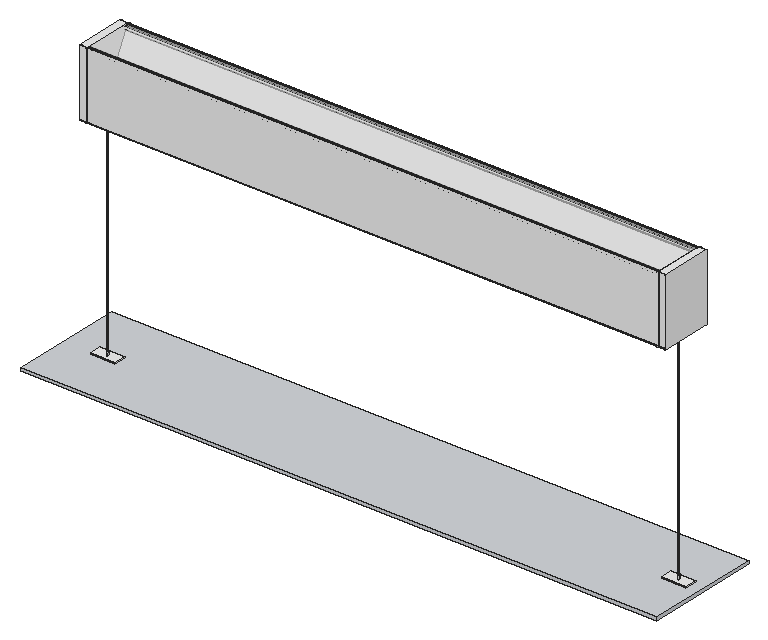
Revit family
Parameters (values of type "BBDLED-400-80-40-SO-4")
  With Multiple Lamps = Fixture Length > 108"  # no
  With Additional Lamp = and(Fixture Length < 120", Fixture Length > 48")  # no
  Wattage = 15.3846 W
  built-in parameter 1150110 = 1 (stored number, unit not read)
  Voltage = 120 V
  URL = "http://www.axislighting.com/CMS/itemsDetail_beam4LED.php?205"
  built-in parameter 1114217 = 1 (stored number, unit not read)
  Total Lamp Wattage = Lamp Wattage * Number of Lamps  # 13.2 VA
  Tilt Angle = 90.00°
  built-in parameter 1150109 = 1 (stored number, unit not read)
  built-in parameter 1150134 = 12
  Suspension Length [instance] = 18"
  Suspension Finish = Steel - Axis - White
  built-in parameter 1150113 = 1 (stored number, unit not read)
  Reflector Finish = Steel - Axis - White Powder Coated
  Product Order Length = 48"
  Product ID = "BBDLED"
  Photometric Web File = "BBDLED-B3-MF-400-80-40-SO.ies"
  Other = ""
  Optics Length = Fixture Length - 1 1/4"  # 46 3/4"
  Number of Lamps = Product Order Length / 12"  # 4
  Mounting Configuration = if(Product Order Length < 156", 2, if(Product Order Length < 300", 3, if(Product Order Length < 444", 4, if(Product Order Length < 564", 5, if(Product Order Length < 708", 6, if(Product Order Length < 852", 7, if(Product Order Length < 972", 8, if(Product Order Length = 1296", 11, if(Product Order Length = 1680", 13, if(Product Order Length = 1776", 14, if(Product Order Length = 1848", 15, if(Product Order Length = 1872", 15, if(Product Order Length = 1896", 15, 2)))))))))))))  # 2
  Model = "BEAM4 LED Pendant Mount - Direct"
  Manufacturer = "Axis Lighting"
  built-in parameter 1150105 = 127.32 (stored number, unit not read)
  Lumens = 1600 lm
  built-in parameter 1150115 = 1 (stored number, unit not read)
  built-in parameter 1150137 = (empty or 0)
  built-in parameter 1150139 = (empty or 0)
  Lens Length = if(Fixture Length > 108", (Fixture Length - (2 * End Cap Length)) / Lamp Configuration, Fixture Length - (2 * End Cap Length))  # 46 3/4"
  Lens Finish = Acrylic - Axis - Frosted
  Lamp Wattage = 3.3 VA
  built-in parameter 1150112 = 1 (stored number, unit not read)
  Lamp Multiplier = if(Fixture Length > 108", (Fixture Length / 48") - 1, 2)  # 2
  built-in parameter 1150114 = 1 (stored number, unit not read)
  Lamp Distance = Lens Length  # 46 3/4"
  Lamp Configuration = if(Product Order Length > 96", Product Order Length / 48", 2)  # 2
  Lamp = "LED"
  Keynote = "16510"
  built-in parameter 1150132 = 2
  built-in parameter 1150102 = (empty or 0)
  built-in parameter 1150107 = 4000 (stored number, unit not read)
  built-in parameter 1150138 = (empty or 0)
  built-in parameter 1150106 = 1.2732 (stored number, unit not read)
  IC Controls = ""
  Housing Finish = Aluminum - Axis - White
  Fixture Width = 4 5/32"  # constant formula
  Fixture Length = Product Order Length  # 48"
  Fixture Depth = 5 1/2"  # constant formula
  End Cap Length = 5/8"  # constant formula
  Emit from Line Length = Lamp Distance  # 46 3/4"
  built-in parameter 1150104 = 9.6619 (stored number, unit not read)
  Dimming Lamp Color Temperature Shift = (empty or 0)
  Description = "LED Pendant Mount Direct Lighting Fixture with Spotless Lens"
  Default Elevation = 48"
  Custom = ""
  Color Filter = 16777215
  Circuit = 1
  built-in parameter 1114218 = 1 (stored number, unit not read)
  built-in parameter 1150133 = 10 (stored number, unit not read)
  Assembly Code = "D5020200"
  Apparent Load = Total Lamp Wattage  # 13.2 VA
Types (5): name | With Additional Lamp | Wattage | Total Lamp Wattage | Product Order Length | Optics Length | Number of Lamps | built-in parameter 1150105 | Lumens | Lens Length | Lamp Distance | built-in parameter 1150106 | Fixture Length | Emit from Line Length | Apparent Load
  (no name) | no | 15.3846 W | 13.2 VA | 48" | 46 3/4" | 4 | 127.32 (stored number, unit not read) | 1600 lm | 46 3/4" | 46 3/4" | 1.2732 (stored number, unit not read) | 48" | 46 3/4" | 13.2 VA
  BBDLED-400-80-40-SO-4 | no | 15.3846 W | 13.2 VA | 48" | 46 3/4" | 4 | 127.32 (stored number, unit not read) | 1600 lm | 46 3/4" | 46 3/4" | 1.2732 (stored number, unit not read) | 48" | 46 3/4" | 13.2 VA
  BBDLED-400-80-40-SO-2 | no | 7.69231 W | 6.6 VA | 24" | 22 3/4" | 2 | 63.662 (stored number, unit not read) | 800 lm | 22 3/4" | 22 3/4" | 0.63662 (stored number, unit not read) | 24" | 22 3/4" | 6.6 VA
  BBDLED-400-80-40-SO-3 | no | 11.5385 W | 9.9 VA | 36" | 34 3/4" | 3 | 95.493 (stored number, unit not read) | 1200 lm | 34 3/4" | 34 3/4" | 0.95493 (stored number, unit not read) | 36" | 34 3/4" | 9.9 VA
  BBDLED-400-80-40-SO-5 | yes | 19.2308 W | 16.5 VA | 60" | 58 3/4" | 5 | 159.15 (stored number, unit not read) | 2000 lm | 58 3/4" | 58 3/4" | 1.5915 (stored number, unit not read) | 60" | 58 3/4" | 16.5 VA
Reference planes (in)
  plane 1 "Center (Front/Back)": y = 0
  plane 2: z = 0
  plane 3 "Center (Left/Right)": x = 0
  plane 4: x = -24
  plane 5: x = 24
  plane 6: x = -23.375
  plane 7: x = 23.375
  plane 8: z = 18
  plane 9: y = -2.07813
  plane 10: y = 2.07812
  plane 11: z = 23.5
  plane 12: z = 20.84375
  plane 13: z = 21.5
  plane 14: x = -23.375
  plane 15: x = 23.375
  plane 16: x = 0
  plane 17: x = 70.125
  plane 18: x = 46.75
  plane 19: x = -23.375
  plane 20: x = 23.375
  plane 21: x = 0
Forms (in)
  Extrusion 1, solid
    sketch origin (0, 0, 0) x (1, 0, 0) y (0, 1, 0)
      loop
        line (-26.75, 4.70508) -> (-26.75, -4.70508) -> (25.31417, -4.70508) -> (25.31417, 4.70508) -> (-26.75, 4.70508)
    from 0 to -0.25
  Extrusion 2, solid, material "Aluminum - Axis - White" <- "Housing Finish"
    sketch origin (0, 0, 0) x (0, 1, 0) y (0, 0, 1)
      loop
        line (2.04687, 23.5) -> (-2.04688, 23.5)
        arc (-2.04688, 23.5) -> (-2.06897, 23.49085) -> (-2.07813, 23.46875) r 0.03125
        line (-2.07813, 23.46875) -> (-2.07813, 18.03125)
        arc (-2.07813, 18.03125) -> (-2.06897, 18.00915) -> (-2.04688, 18) r 0.03125
        line (-2.04688, 18) -> (2.04687, 18)
        arc (2.04687, 18) -> (2.06897, 18.00915) -> (2.07812, 18.03125) r 0.03125
        line (2.07812, 18.03125) -> (2.07812, 23.46875)
        arc (2.07812, 23.46875) -> (2.06897, 23.49085) -> (2.04687, 23.5) r 0.03125
    from -24 to -23.375
  Extrusion 3, solid, material "Aluminum - Axis - White" <- "Housing Finish"
    sketch origin (0, 0, 0) x (0, 1, 0) y (0, 0, 1)
      loop
        line (2.04687, 23.5) -> (-2.04688, 23.5)
        arc (-2.04688, 23.5) -> (-2.06897, 23.49085) -> (-2.07813, 23.46875) r 0.03125
        line (-2.07813, 23.46875) -> (-2.07813, 18.03125)
        arc (-2.07813, 18.03125) -> (-2.06897, 18.00915) -> (-2.04688, 18) r 0.03125
        line (-2.04688, 18) -> (2.04687, 18)
        arc (2.04687, 18) -> (2.06897, 18.00915) -> (2.07812, 18.03125) r 0.03125
        line (2.07812, 18.03125) -> (2.07812, 23.46875)
        arc (2.07812, 23.46875) -> (2.06897, 23.49085) -> (2.04687, 23.5) r 0.03125
    from 23.375 to 24
  Extrusion 4, solid, material "Aluminum - Axis - White" <- "Housing Finish"
    sketch origin (0, 0, 0) x (0, 1, 0) y (0, 0, 1)
      loop
        line (1.96562, 18.05) -> (-1.96563, 18.05) -> (-1.96563, 18) -> (1.96562, 18) -> (1.96562, 18.05)
    from -23.375 to 23.375
  Sweep 5, solid, material "Steel - Axis - White Powder Coated" <- "Reflector Finish"
    path origin (0, 0, 0) x (1, 0, 0) y (0, 1, 0)
      loop
        line (23.375, 0) -> (-23.375, 0)
    profile "BBDLED-Profile-Reflector : BBDLED-Profile-Reflector" origin (0, 0, 0) x (0, -1, 0) y (0, 0, 1)
      loop
        line (-0.66279, 20.92283) -> (-1.77203, 23.09426) -> (-1.79986, 23.08004) -> (-0.68192, 20.89158) -> (0.68192, 20.89158) -> (1.79986, 23.08004) -> (1.77203, 23.09426) -> (0.66279, 20.92283) -> (-0.66279, 20.92283)
  Sweep 6, solid, material "Acrylic - Axis - Frosted" <- "Lens Finish"
    path origin (0, 0, 0) x (1, 0, 0) y (0, 1, 0)
      loop
        line (23.375, 0) -> (-23.375, 0)
    profile "BBDLED-Profile-Lens : BBDLED-Profile-Lens" origin (0, 0, 0) x (0, -1, 0) y (0, 0, 1)
      loop
        line (-1.79405, 23.43) -> (1.79405, 23.43)
        arc (1.79405, 23.43) -> (1.81337, 23.41518) -> (1.80405, 23.39268) r 0.02
        line (1.80405, 23.39268) -> (1.74405, 23.35804)
        arc (1.74405, 23.35804) -> (1.73673, 23.33072) -> (1.76405, 23.3234) r 0.02
        line (1.76405, 23.3234) -> (1.83782, 23.36599) -> (1.86011, 23.30536)
        arc (1.86011, 23.30536) -> (1.85982, 23.21545) -> (1.80089, 23.14755) r 0.12908
        arc (1.80089, 23.14755) -> (1.79294, 23.1204) -> (1.82008, 23.11245) r 0.02
        arc (1.82008, 23.11245) -> (1.89727, 23.2014) -> (1.89766, 23.31916) r 0.16908
        line (1.89766, 23.31916) -> (1.86558, 23.40637)
        arc (1.86558, 23.40637) -> (1.86854, 23.42931) -> (1.88905, 23.44) r 0.025
        line (1.88905, 23.44) -> (1.93835, 23.44) -> (1.96019, 23.5) -> (-1.96019, 23.5) -> (-1.93835, 23.44) -> (-1.88905, 23.44)
        arc (-1.88905, 23.44) -> (-1.86854, 23.42931) -> (-1.86558, 23.40637) r 0.025
        line (-1.86558, 23.40637) -> (-1.89766, 23.31916)
        arc (-1.89766, 23.31916) -> (-1.89727, 23.2014) -> (-1.82008, 23.11245) r 0.16908
        arc (-1.82008, 23.11245) -> (-1.79294, 23.1204) -> (-1.80089, 23.14755) r 0.02
        arc (-1.80089, 23.14755) -> (-1.85982, 23.21545) -> (-1.86011, 23.30536) r 0.12908
        line (-1.86011, 23.30536) -> (-1.83782, 23.36599) -> (-1.76405, 23.3234)
        arc (-1.76405, 23.3234) -> (-1.73673, 23.33072) -> (-1.74405, 23.35804) r 0.02
        line (-1.74405, 23.35804) -> (-1.80405, 23.39268)
        arc (-1.80405, 23.39268) -> (-1.81337, 23.41518) -> (-1.79405, 23.43) r 0.02
  Sweep 7, solid, material "Aluminum - Axis - White" <- "Housing Finish"
    path origin (0, 0, 0) x (1, 0, 0) y (0, 1, 0)
      loop
        line (23.375, 0) -> (-23.375, 0)
    profile "BBDLED-Profile-Housing : BBDLED-Profile-Housing" origin (0, 0, 0) x (0, -1, 0) y (0, 0, 1)
      loop
        line (-2.07812, 23.46875) -> (-2.07812, 18.03125)
        arc (-2.07812, 18.03125) -> (-2.06897, 18.00915) -> (-2.04687, 18) r 0.03125
        line (-2.04687, 18) -> (-1.98812, 18) -> (-1.98812, 18.0857) -> (-1.94473, 18.0857) -> (-1.92694, 18.04378) -> (-1.89012, 18.0594) -> (-1.92781, 18.1482) -> (-2.00312, 18.1482) -> (-2.00312, 23.365)
        arc (-2.00312, 23.365) -> (-1.99727, 23.37914) -> (-1.98312, 23.385) r 0.02
        line (-1.98312, 23.385) -> (-1.88312, 23.385)
        arc (-1.88312, 23.385) -> (-1.87013, 23.3925) -> (-1.87013, 23.4075) r 0.015
        line (-1.87013, 23.4075) -> (-1.89179, 23.445) -> (-1.98812, 23.445) -> (-1.98812, 23.48)
        arc (-1.98812, 23.48) -> (-1.99398, 23.49414) -> (-2.00812, 23.5) r 0.02
        line (-2.00812, 23.5) -> (-2.04687, 23.5)
        arc (-2.04687, 23.5) -> (-2.06897, 23.49085) -> (-2.07812, 23.46875) r 0.03125
      loop
        arc (2.07813, 23.46875) -> (2.06897, 23.49085) -> (2.04688, 23.5) r 0.03125
        line (2.04688, 23.5) -> (2.00813, 23.5)
        arc (2.00813, 23.5) -> (1.99398, 23.49414) -> (1.98813, 23.48) r 0.02
        line (1.98813, 23.48) -> (1.98813, 23.445) -> (1.89179, 23.445) -> (1.87013, 23.4075)
        arc (1.87013, 23.4075) -> (1.87013, 23.3925) -> (1.88313, 23.385) r 0.015
        line (1.88313, 23.385) -> (1.98313, 23.385)
        arc (1.98313, 23.385) -> (1.99727, 23.37914) -> (2.00313, 23.365) r 0.02
        line (2.00313, 23.365) -> (2.00313, 18.1482) -> (1.92781, 18.1482) -> (1.89012, 18.0594) -> (1.92694, 18.04378) -> (1.94473, 18.0857) -> (1.98813, 18.0857) -> (1.98813, 18) -> (2.04688, 18)
        arc (2.04688, 18) -> (2.06897, 18.00915) -> (2.07813, 18.03125) r 0.03125
        line (2.07813, 18.03125) -> (2.07813, 23.46875)
Dimensions and locks (in)
  "Fixture Length": plane 4 to plane 5
  equal spacing: plane 4, plane 3 "Center (Left/Right)", plane 5
  locked: plane 4 to plane 6 at 0.625
  locked: plane 7 to plane 5 at 0.625
  "Suspension Length": plane 8 to plane 2
  "Fixture Width": plane 9 to plane 10
  equal spacing: plane 9, plane 1 "Center (Front/Back)", plane 10
  "Fixture Depth": plane 11 to plane 8
  locked: Extrusion 4 sketch curve to plane 9 at 0.1125
  locked: plane 10 to Extrusion 4 sketch curve at 0.1125
  locked: Extrusion 4 sketch curve to plane 8 at 0.05
  locked: plane 12 to plane 8 at 2.84375
  locked: plane 13 to plane 8 at 3.5
  group 1 to group 2 = 46 3/4"
  group 1 to group 2 = 0"  (x2)
  "Lamp Distance": plane 14 to plane 15
  equal spacing: plane 14, plane 16, plane 15
  "Lamp Distance": plane 15 to plane 17
  equal spacing: plane 15, plane 18, plane 17
  "Lamp Distance": plane 19 to plane 20
  equal spacing: plane 19, plane 21, plane 20
  group 3 to group 4 = 46 3/4"
  group 3 to group 4 = 0"  (x2)
  aligned and locked: plane 2 to Extrusion 1
  aligned and locked: level to Extrusion 1
  aligned and locked: plane 1 "Center (Front/Back)" to nested 1
  aligned and locked: plane 3 "Center (Left/Right)" to nested 1
  aligned and locked: plane 11 to Extrusion 2 sketch curve
  aligned and locked: plane 9 to Extrusion 2 sketch curve
  aligned and locked: plane 8 to Extrusion 2 sketch curve
  aligned and locked: plane 10 to Extrusion 2 sketch curve
  aligned and locked: Extrusion 2 to plane 4
  aligned and locked: plane 6 to Extrusion 2
  aligned and locked: plane 11 to Extrusion 3 sketch curve
  aligned and locked: plane 9 to Extrusion 3 sketch curve
  aligned and locked: plane 8 to Extrusion 3 sketch curve
  aligned and locked: plane 10 to Extrusion 3 sketch curve
  aligned and locked: plane 5 to Extrusion 3
  aligned and locked: Extrusion 3 to plane 7
  aligned and locked: plane 8 to Extrusion 4 sketch curve
  aligned and locked: Extrusion 4 to plane 6
  aligned and locked: plane 7 to Extrusion 4
  aligned and locked: plane 1 "Center (Front/Back)" to imposter light
  aligned and locked: imposter light to plane 13
  aligned and locked: Sweep 5 sketch curve to plane 1 "Center (Front/Back)"
  aligned and locked: plane 6 to Sweep 5 sketch curve
  aligned and locked: plane 7 to Sweep 5 sketch curve
  aligned and locked: Sweep 6 sketch curve to plane 1 "Center (Front/Back)"
  aligned and locked: plane 6 to Sweep 6 sketch curve
  aligned and locked: plane 7 to Sweep 6 sketch curve
  aligned and locked: Sweep 7 sketch curve to plane 1 "Center (Front/Back)"
  aligned and locked: plane 7 to Sweep 7 sketch curve
  aligned and locked: plane 6 to Sweep 7 sketch curve
  aligned and locked: nested 2 to plane 2
  aligned and locked: plane 1 "Center (Front/Back)" to nested 2
  aligned and locked: plane 6 to nested 2
  aligned and locked: plane 7 to nested 3
  aligned and locked: plane 1 "Center (Front/Back)" to nested 3
  aligned and locked: nested 3 to plane 2
  aligned and locked: plane 14 to plane 6
  aligned and locked: imposter light to plane 16
  aligned and locked: plane 20 to plane 7
  aligned and locked: plane 21 to nested 4
  aligned and locked: plane 1 "Center (Front/Back)" to nested 4
  aligned and locked: plane 18 to nested 5
  aligned and locked: plane 1 "Center (Front/Back)" to nested 5
  aligned and locked: plane 21 to nested 6
  aligned and locked: plane 1 "Center (Front/Back)" to nested 6
Automatic sketch dimensions
  Extrusion 1 sketch curve to Extrusion 1 sketch curve = 52.06417"
  Extrusion 1 sketch curve to Extrusion 1 sketch curve = 9 105/256"
  Extrusion 2 sketch curve to plane 9 = 1/32"  (x2)
  Extrusion 2 sketch curve to Extrusion 2 sketch curve = 1/32"  (x2)
  Extrusion 3 sketch curve to plane 9 = 1/32"
  Extrusion 3 sketch curve to Extrusion 3 sketch curve = 1/32"  (x2)
  plane 10 to Extrusion 3 sketch curve = 1/32"
Nested families (in)
  nested 1: "Lighting-Pendant-Axis-Symbol" at (0, 0, 0), type "Lighting-Pendant-Axis-Symbol"
  nested 2: "BBDLED-Component-Suspension" at (-23.375, 0, 0), type "Cable"
  nested 3: "BBDLED-Component-Suspension" at (23.375, 0, 0), type "Cable"
  nested 4: "BBDLED-Light" at (0, 0, 0), visible <- "With Multiple Lamps", type "Multiple"
  nested 5: "BBDLED-Light" at (46.75, 0, 0), visible <- "With Multiple Lamps", type "Multiple"
  nested 6: "BBDLED-Light" at (0, 0, 0), visible <- "With Additional Lamp", type "Additional"
Connectors (in)
  electrical at (-23.375, 0, 0), driven by "Voltage", driven by "Apparent Load"
    settings: on nested 2, index 1, voltage 120 V, apparent load 0 VA, apparent load phase1 13.2 VA, apparent load phase2 0 VA, apparent load phase3 0 VA, power factor 1, load classification "Lighting", number of poles 1, system type 31, power factor state 1, is connector primary yes, connector utility no, sub classification motor no, connector description "Lighting Fixture Power"
Definition of nested family "BBDLED-Component-Suspension"
  Parameters (values of type "Cable")
    Suspension Length = 18"
    Finish = Steel - Axis - White
    Assembly Code = ""
  Reference planes (in)
    plane 1 "Center (Front/Back)": y = 0
    plane 2: z = 0
    plane 3 "Center (Left/Right)": x = 0
    plane 4: z = 18
    plane 5: y = 0.5
    plane 6: y = -0.5
    plane 7: x = -1
    plane 8: x = 1
    plane 9: z = 0.0625
    plane 10: z = 0.375
    plane 11: z = 17.875
    plane 12: z = 17.6875
  Forms (in)
    Extrusion 1, solid, material "Steel - Axis - White" <- "Finish"
      sketch origin (0, 0, 0) x (1, 0, 0) y (0, 1, 0)
        loop
          circle (0, 0) r 0.25
      from 17.875 to 18
    Extrusion 2, solid, material "Steel - Axis - White" <- "Finish"
      sketch origin (0, 0, 0) x (1, 0, 0) y (0, 1, 0)
        loop
          circle (0, 0) r 0.0625
      from 17.6875 to 17.875
    Extrusion 3, solid, material "Steel - Axis - White" <- "Finish"
      sketch origin (0, 0, 0) x (1, 0, 0) y (0, 1, 0)
        loop
          circle (0, 0) r 0.03125
      from 17.6875 to 0.375
    Extrusion 4, solid, material "Steel - Axis - White" <- "Finish"
      sketch origin (0, 0, 0) x (1, 0, 0) y (0, 1, 0)
        loop
          circle (0, 0) r 0.0625
      from 0.0625 to 0.375
    Extrusion 5, solid, material "Steel - Axis - White" <- "Finish"
      sketch origin (0, 0, 0) x (1, 0, 0) y (0, 1, 0)
        loop
          line (-1, -0.5) -> (1, -0.5) -> (1, 0.5) -> (-1, 0.5) -> (-1, -0.5)
      from 0 to 0.0625
  Dimensions and locks (in)
    equal spacing: plane 7, plane 3 "Center (Left/Right)", plane 8
    plane 7 to plane 8 = 2"
    equal spacing: plane 6, plane 1 "Center (Front/Back)", plane 5
    plane 6 to plane 5 = 1"
    Extrusion 4 to Extrusion 5 to Extrusion 5 = 0", 1/16"
    Extrusion 1 to Extrusion 2 to level = 1/8", 17 7/8"
    "Suspension Length": plane 4 to level
    plane 10 to plane 9 to plane 2 = 5/16" locked, 1/16" locked
    plane 4 to plane 11 to plane 12 = 1/8" locked, 3/16" locked
    radius of Extrusion 4 sketch curve = 1/16"
    radius of Extrusion 3 sketch curve = 1/32"
    radius of Extrusion 2 sketch curve = 1/16"
    radius of Extrusion 1 sketch curve = 1/4"
    aligned and locked: plane 2 to level
    aligned and locked: plane 6 to Extrusion 5 sketch curve
    aligned and locked: Extrusion 5 sketch curve to plane 7
    aligned and locked: Extrusion 5 sketch curve to plane 5
    aligned and locked: plane 8 to Extrusion 5 sketch curve
    aligned: plane 4 to Extrusion 5
    aligned: Extrusion 1 to level
    aligned: Extrusion 3 to Extrusion 4
    aligned: Extrusion 3 to Extrusion 2
    aligned: Extrusion 4 to Extrusion 5
    aligned and locked: Extrusion 5 to plane 2
    aligned and locked: plane 9 to Extrusion 5
    aligned and locked: Extrusion 4 to plane 9
    aligned and locked: plane 10 to Extrusion 4
    aligned and locked: plane 4 to Extrusion 1
    aligned and locked: Extrusion 1 to plane 11
    aligned and locked: plane 11 to Extrusion 2
    aligned and locked: Extrusion 2 to plane 12
    aligned and locked: plane 12 to Extrusion 3
    aligned and locked: Extrusion 3 to plane 10
  Automatic sketch dimensions
    plane 1 "Center (Front/Back)" to Extrusion 1 sketch curve = 0"
    Extrusion 1 sketch curve to plane 3 "Center (Left/Right)" = 0"
    plane 1 "Center (Front/Back)" to Extrusion 2 sketch curve = 0"
    Extrusion 2 sketch curve to plane 3 "Center (Left/Right)" = 0"
    plane 1 "Center (Front/Back)" to Extrusion 3 sketch curve = 0"
    Extrusion 3 sketch curve to plane 3 "Center (Left/Right)" = 0"
    plane 1 "Center (Front/Back)" to Extrusion 4 sketch curve = 0"
    Extrusion 4 sketch curve to plane 3 "Center (Left/Right)" = 0"
Definition of nested family "Lighting-Pendant-Axis-Symbol"
  Parameters (values of type "Lighting-Pendant-Axis-Symbol")
    Width = 4 3/16"
    Length = 47 9/16"
    Assembly Code = ""
  Reference planes (in)
    plane 1 "Center (Front/Back)": y = 0
    plane 2: z = 0
    plane 3 "Center (Left/Right)": x = 0
  Lines and regions (in)
    Masking region 1, in view "Ref. Level"
      outline origin (0, 0, 0) x (1, 0, 0) y (0, 1, 0)
        loop
          line (-23.78125, -2.09375) -> (23.78125, -2.09375) -> (23.78125, 2.09375) -> (-23.78125, 2.09375) -> (-23.78125, -2.09375)
    detail lines, style "Pendant Lights", in view "Ref. Level", detail levels coarse+medium
      curve 1: line (-23.78125, 2.09375, 0) -> (23.78125, 2.09375, 0)
      curve 2: line (-23.78125, -2.09375, 0) -> (-23.78125, 2.09375, 0)
      curve 3: line (23.78125, -2.09375, 0) -> (-23.78125, -2.09375, 0)
      curve 4: line (23.78125, 2.09375, 0) -> (23.78125, -2.09375, 0)
    detail lines, style "Pendant Lights", in view "Ref. Level"
      curve 5: circle (-23.15625, 0, 0) r 0.25 normal (0, 0, 1)
      curve 6: circle (23.15625, 0, 0) r 0.25 normal (0, 0, 1)
  Dimensions and locks (in)
    "Length": curve 2 to curve 4
    "Width": curve 1 to curve 3
    equal spacing: curve 2, plane 3 "Center (Left/Right)", curve 4
    equal spacing: curve 1, plane 1 "Center (Front/Back)", curve 3
    locked: curve 2 to curve 5 at 0.625
    locked: curve 6 to curve 4 at 0.625
    equal spacing: curve 1, curve 5, curve 3
    equal spacing: curve 1, curve 6, curve 3
    aligned and locked: Masking region 1 sketch curve to curve 3
    aligned and locked: Masking region 1 sketch curve to curve 2
    aligned and locked: Masking region 1 sketch curve to curve 1
    aligned and locked: Masking region 1 sketch curve to curve 4
  Automatic sketch dimensions
    radius of curve 5 = 1/4"
    radius of curve 6 = 1/4"
Definition of nested family "BBDLED-Light"
  Parameters (values of type "Additional")
    Wattage = 15.3846 W
    built-in parameter 1150110 = 1 (stored number, unit not read)
    built-in parameter 1114217 = 1 (stored number, unit not read)
    Tilt Angle = 90.00°
    built-in parameter 1150109 = 1 (stored number, unit not read)
    built-in parameter 1150134 = 12
    Suspension Length = 18"
    built-in parameter 1150113 = 1 (stored number, unit not read)
    Photometric Web File = "BBDLED-B3-MF-400-80-40-SO.ies"
    built-in parameter 1150105 = -1148041.6 (stored number, unit not read)
    Lumens = 1600 lm
    built-in parameter 1150115 = 1 (stored number, unit not read)
    built-in parameter 1150137 = (empty or 0)
    built-in parameter 1150139 = (empty or 0)
    built-in parameter 1150112 = 1 (stored number, unit not read)
    built-in parameter 1150114 = 1 (stored number, unit not read)
    built-in parameter 1150132 = 2
    built-in parameter 1150102 = (empty or 0)
    built-in parameter 1150107 = 4000 (stored number, unit not read)
    built-in parameter 1150138 = (empty or 0)
    built-in parameter 1150106 = -11480.4 (stored number, unit not read)
    Emit from Line Length = 24"
    built-in parameter 1150104 = 9.6619 (stored number, unit not read)
    Dimming Lamp Color Temperature Shift = (empty or 0)
    Default Elevation = 48"
    Color Filter = 16777215
    built-in parameter 1114218 = 1 (stored number, unit not read)
    built-in parameter 1150133 = 10 (stored number, unit not read)
    Assembly Code = ""
  Types (2): name | built-in parameter 1150105 | built-in parameter 1150106
    Additional | -1148041.6 (stored number, unit not read) | -11480.4 (stored number, unit not read)
    Multiple | 127.32 (stored number, unit not read) | 1.2732 (stored number, unit not read)
  Reference planes (in)
    plane 1 "Center (Front/Back)": y = 0
    plane 2: z = 0
    plane 3 "Center (Left/Right)": x = 0
    plane 4: z = 18
    plane 5: z = 21.5
  Forms (in)
    Extrusion 1, solid
      sketch origin (0, 0, 0) x (1, 0, 0) y (0, 1, 0)
        loop
          line (-48, 48) -> (-48, -48) -> (48, -48) -> (48, 48) -> (-48, 48)
      from 0 to -12
  Dimensions and locks (in)
    "Suspension Length": plane 4 to level
    locked: plane 5 to plane 4 at 3.5
    aligned and locked: plane 2 to Extrusion 1
    aligned and locked: level to Extrusion 1
    aligned and locked: plane 3 "Center (Left/Right)" to imposter light
    aligned and locked: plane 1 "Center (Front/Back)" to imposter light
    aligned and locked: imposter light to plane 5
  Automatic sketch dimensions
    Extrusion 1 sketch curve to Extrusion 1 sketch curve = 96"  (x2)
